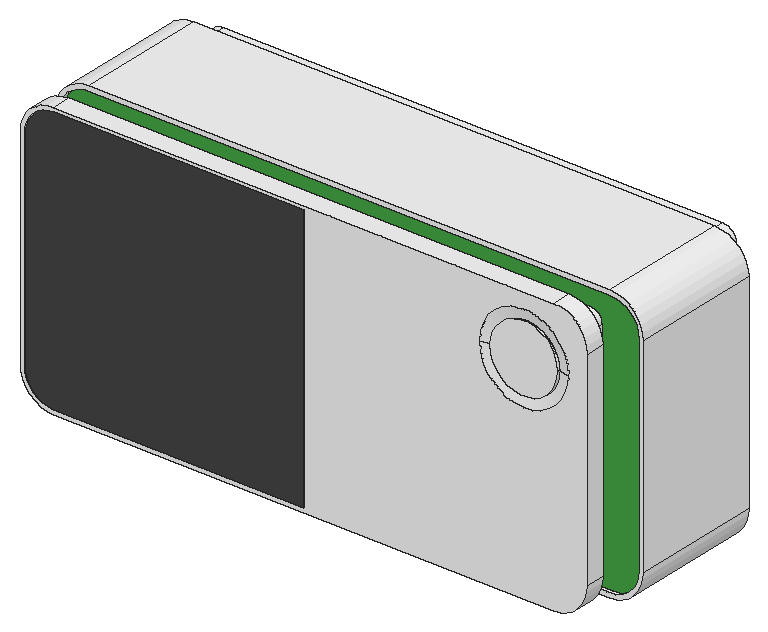
Revit family "UNOnext IAQ sensor", category 一般模型, Revit 2024
Family settings
  可以作為鋼筋主體 = 否
  圓形接點標註 = 使用直徑
  組件類型 = 正常
  以工作平面為基礎 = 否
  總是垂直 = 是
  載入時使用空心切割 = 否
  維持標註方位 = 否
  共用 = 否
  房間計算點 = 否
Parameters
  預設高程 = 0 cm
Reference planes (cm)
  plane 1 "中心 (前/後)": y = 0
  plane 2: z = 0
  plane 3 "中心 (左/右)": x = 0
  plane 4: x = 7
  plane 5: x = -7
  plane 6: y = 2.5
  plane 7: y = -2.5
  plane 8: z = 6.5
  plane 9: z = 6
  plane 10: x = 5.8974
Forms (cm)
  Extrusion 1, solid, material "白色"
    sketch origin (200, -2.5, 120) x (1, 0, 0) y (0, 0, 1)
      loop
        arc (-206.2, -113.5) -> (-206.7657, -113.7343) -> (-207, -114.3) r 0.8
        line (-207, -114.3) -> (-207, -119.2)
        arc (-207, -119.2) -> (-206.7657, -119.7657) -> (-206.2, -120) r 0.8
        line (-206.2, -120) -> (-194.4026, -120)
        arc (-194.4026, -120) -> (-193.8369, -119.7657) -> (-193.6026, -119.2) r 0.8
        line (-193.6026, -119.2) -> (-193.6026, -114.3)
        arc (-193.6026, -114.3) -> (-193.8369, -113.7343) -> (-194.4026, -113.5) r 0.8
        line (-194.4026, -113.5) -> (-206.2, -113.5)
    from -0.4419 to 0
  Extrusion 2, void
    sketch origin (200, -2.5, 120) x (-1, 0, 0) y (0, 0, 1)
      loop
        arc (206.9, -114.3) -> (206.695, -113.805) -> (206.2, -113.6) r 0.7
        line (206.2, -113.6) -> (200.3013, -113.6) -> (200.3013, -119.9) -> (206.2, -119.9)
        arc (206.2, -119.9) -> (206.695, -119.695) -> (206.9, -119.2) r 0.7
        line (206.9, -119.2) -> (206.9, -114.3)
    from 0 to 0.3564
  Blend 3, void
    base sketch origin (-7.6146, -2.3065, 120) x (1, 0, 0) y (0, 0, 1)
      loop
        circle (12.5099, -114.9118) r 0.7973
    top sketch origin (-7.6146, -2.3065, 120) x (1, 0, 0) y (0, 0, 1)
      loop
        circle (12.5099, -114.9118) r 1.0473
    from 0.1454 to 0.1935
  Extrusion 4, solid, material "白色"
    sketch origin (-7.6146, -2.3065, 120) x (-1, 0, 0) y (0, 0, 1)
      loop
        circle (-12.5099, -114.9118) r 0.7973
    from -0.1935 to -0.071
  Extrusion 5, solid, material "sensor screen"
    sketch origin (200, -2.5, 120) x (1, 0, 0) y (0, 0, 1)
      loop
        line (-200.3013, -119.9) -> (-200.3013, -113.6) -> (-206.2, -113.6)
        arc (-206.2, -113.6) -> (-206.695, -113.805) -> (-206.9, -114.3) r 0.7
        line (-206.9, -114.3) -> (-206.9, -119.2)
        arc (-206.9, -119.2) -> (-206.695, -119.695) -> (-206.2, -119.9) r 0.7
        line (-206.2, -119.9) -> (-200.3013, -119.9)
    from -0.1477 to 0
  Extrusion 6, solid, material "白色"
    sketch origin (200, -2.5, 120) x (1, 0, 0) y (0, 0, 1)
      loop
        arc (-206.2, -113.5) -> (-206.7657, -113.7343) -> (-207, -114.3) r 0.8
        line (-207, -114.3) -> (-207, -119.2)
        arc (-207, -119.2) -> (-206.7657, -119.7657) -> (-206.2, -120) r 0.8
        line (-206.2, -120) -> (-193.9026, -120)
        arc (-193.9026, -120) -> (-193.3369, -119.7657) -> (-193.1026, -119.2) r 0.8
        line (-193.1026, -119.2) -> (-193.1026, -114.3)
        arc (-193.1026, -114.3) -> (-193.3369, -113.7343) -> (-193.9026, -113.5) r 0.8
        line (-193.9026, -113.5) -> (-206.2, -113.5)
    from -4.1166 to -1.0329
  Extrusion 7, solid, material "白色"
    sketch origin (200, -2.5, 120) x (1, 0, 0) y (0, 0, 1)
      loop
        arc (-206.2, -114) -> (-206.4121, -114.0879) -> (-206.5, -114.3) r 0.3
        line (-206.5, -114.3) -> (-206.5, -119.2)
        arc (-206.5, -119.2) -> (-206.4121, -119.4121) -> (-206.2, -119.5) r 0.3
        line (-206.2, -119.5) -> (-194.4026, -119.5)
        arc (-194.4026, -119.5) -> (-194.1904, -119.4121) -> (-194.1026, -119.2) r 0.3
        line (-194.1026, -119.2) -> (-194.1026, -114.3)
        arc (-194.1026, -114.3) -> (-194.1904, -114.0879) -> (-194.4026, -114) r 0.3
        line (-194.4026, -114) -> (-206.2, -114)
    from -1.4151 to -0.4419
  Extrusion 8, solid, material "白色"
    sketch origin (200, 1.5, 120) x (1, 0, 0) y (0, 0, 1)
      loop
        arc (-206.2, -114) -> (-206.4121, -114.0879) -> (-206.5, -114.3) r 0.3
        line (-206.5, -114.3) -> (-206.5, -119.2)
        arc (-206.5, -119.2) -> (-206.4121, -119.4121) -> (-206.2, -119.5) r 0.3
        line (-206.2, -119.5) -> (-194.4026, -119.5)
        arc (-194.4026, -119.5) -> (-194.1904, -119.4121) -> (-194.1026, -119.2) r 0.3
        line (-194.1026, -119.2) -> (-194.1026, -114.3)
        arc (-194.1026, -114.3) -> (-194.1904, -114.0879) -> (-194.4026, -114) r 0.3
        line (-194.4026, -114) -> (-206.2, -114)
    from -1 to -0.1166
  Extrusion 9, void
    sketch origin (200, -1.4671, 120) x (-1, 0, 0) y (0, 0, 1)
      loop
        arc (193.9026, -113.6) -> (193.4076, -113.805) -> (193.2026, -114.3) r 0.7
        line (193.2026, -114.3) -> (193.2026, -119.2)
        arc (193.2026, -119.2) -> (193.4076, -119.695) -> (193.9026, -119.9) r 0.7
        line (193.9026, -119.9) -> (206.2, -119.9)
        arc (206.2, -119.9) -> (206.695, -119.695) -> (206.9, -119.2) r 0.7
        line (206.9, -119.2) -> (206.9, -114.3)
        arc (206.9, -114.3) -> (206.695, -113.805) -> (206.2, -113.6) r 0.7
        line (206.2, -113.6) -> (193.9026, -113.6)
    from 0 to 0.3821
  Extrusion 10, solid, material "green light"
    sketch origin (200, -1.4671, 120) x (1, 0, 0) y (0, 0, 1)
      loop
        line (-193.9026, -113.6) -> (-206.2, -113.6)
        arc (-206.2, -113.6) -> (-206.695, -113.805) -> (-206.9, -114.3) r 0.7
        line (-206.9, -114.3) -> (-206.9, -119.2)
        arc (-206.9, -119.2) -> (-206.695, -119.695) -> (-206.2, -119.9) r 0.7
        line (-206.2, -119.9) -> (-193.9026, -119.9)
        arc (-193.9026, -119.9) -> (-193.4076, -119.695) -> (-193.2026, -119.2) r 0.7
        line (-193.2026, -119.2) -> (-193.2026, -114.3)
        arc (-193.2026, -114.3) -> (-193.4076, -113.805) -> (-193.9026, -113.6) r 0.7
    from -0.3821 to -0.0986
  Extrusion 11, void
    sketch origin (426.72, -2.0581, 6) x (1, 0, 0) y (0, -1, 0)
      loop
        line (-432.92, -3.6747) -> (-432.92, -4.3614) -> (-432.799, -4.3614) -> (-432.799, -3.6747) -> (-432.92, -3.6747)
      loop
        line (-432.6986, -3.6747) -> (-432.6986, -4.3614) -> (-432.5776, -4.3614) -> (-432.5776, -3.6747) -> (-432.6986, -3.6747)
      loop
        line (-432.4964, -3.6747) -> (-432.4964, -4.3614) -> (-432.3754, -4.3614) -> (-432.3754, -3.6747) -> (-432.4964, -3.6747)
      loop
        line (-432.275, -3.6747) -> (-432.275, -4.3614) -> (-432.154, -4.3614) -> (-432.154, -3.6747) -> (-432.275, -3.6747)
      loop
        line (-432.0623, -3.6747) -> (-432.0623, -4.3614) -> (-431.9413, -4.3614) -> (-431.9413, -3.6747) -> (-432.0623, -3.6747)
      loop
        line (-431.8409, -3.6747) -> (-431.8409, -4.3614) -> (-431.7199, -4.3614) -> (-431.7199, -3.6747) -> (-431.8409, -3.6747)
      loop
        line (-431.6388, -3.6747) -> (-431.6388, -4.3614) -> (-431.5177, -4.3614) -> (-431.5177, -3.6747) -> (-431.6388, -3.6747)
      loop
        line (-431.4173, -3.6747) -> (-431.4173, -4.3614) -> (-431.2963, -4.3614) -> (-431.2963, -3.6747) -> (-431.4173, -3.6747)
      loop
        line (-431.2121, -3.6747) -> (-431.2121, -4.3614) -> (-431.0911, -4.3614) -> (-431.0911, -3.6747) -> (-431.2121, -3.6747)
      loop
        line (-430.9906, -3.6747) -> (-430.9906, -4.3614) -> (-430.8696, -4.3614) -> (-430.8696, -3.6747) -> (-430.9906, -3.6747)
      loop
        line (-430.7885, -3.6747) -> (-430.7885, -4.3614) -> (-430.6675, -4.3614) -> (-430.6675, -3.6747) -> (-430.7885, -3.6747)
      loop
        line (-430.567, -3.6747) -> (-430.567, -4.3614) -> (-430.446, -4.3614) -> (-430.446, -3.6747) -> (-430.567, -3.6747)
      loop
        line (-430.3544, -3.6747) -> (-430.3544, -4.3614) -> (-430.2334, -4.3614) -> (-430.2334, -3.6747) -> (-430.3544, -3.6747)
      loop
        line (-430.133, -3.6747) -> (-430.133, -4.3614) -> (-430.012, -4.3614) -> (-430.012, -3.6747) -> (-430.133, -3.6747)
      loop
        line (-429.9308, -3.6747) -> (-429.9308, -4.3614) -> (-429.8098, -4.3614) -> (-429.8098, -3.6747) -> (-429.9308, -3.6747)
      loop
        line (-429.7094, -3.6747) -> (-429.7094, -4.3614) -> (-429.5884, -4.3614) -> (-429.5884, -3.6747) -> (-429.7094, -3.6747)
      loop
        line (-429.5056, -3.6747) -> (-429.5056, -4.3614) -> (-429.3846, -4.3614) -> (-429.3846, -3.6747) -> (-429.5056, -3.6747)
      loop
        line (-429.2841, -3.6747) -> (-429.2841, -4.3614) -> (-429.1631, -4.3614) -> (-429.1631, -3.6747) -> (-429.2841, -3.6747)
      loop
        line (-429.082, -3.6747) -> (-429.082, -4.3614) -> (-428.961, -4.3614) -> (-428.961, -3.6747) -> (-429.082, -3.6747)
      loop
        line (-428.8605, -3.6747) -> (-428.8605, -4.3614) -> (-428.7395, -4.3614) -> (-428.7395, -3.6747) -> (-428.8605, -3.6747)
      loop
        line (-428.6479, -3.6747) -> (-428.6479, -4.3614) -> (-428.5269, -4.3614) -> (-428.5269, -3.6747) -> (-428.6479, -3.6747)
      loop
        line (-428.4265, -3.6747) -> (-428.4265, -4.3614) -> (-428.3055, -4.3614) -> (-428.3055, -3.6747) -> (-428.4265, -3.6747)
      loop
        line (-428.2243, -3.6747) -> (-428.2243, -4.3614) -> (-428.1033, -4.3614) -> (-428.1033, -3.6747) -> (-428.2243, -3.6747)
      loop
        line (-428.0029, -3.6747) -> (-428.0029, -4.3614) -> (-427.8819, -4.3614) -> (-427.8819, -3.6747) -> (-428.0029, -3.6747)
      loop
        line (-427.7976, -3.6747) -> (-427.7976, -4.3614) -> (-427.6766, -4.3614) -> (-427.6766, -3.6747) -> (-427.7976, -3.6747)
      loop
        line (-427.5762, -3.6747) -> (-427.5762, -4.3614) -> (-427.4552, -4.3614) -> (-427.4552, -3.6747) -> (-427.5762, -3.6747)
      loop
        line (-427.374, -3.6747) -> (-427.374, -4.3614) -> (-427.253, -4.3614) -> (-427.253, -3.6747) -> (-427.374, -3.6747)
      loop
        line (-427.1526, -3.6747) -> (-427.1526, -4.3614) -> (-427.0316, -4.3614) -> (-427.0316, -3.6747) -> (-427.1526, -3.6747)
      loop
        line (-426.94, -3.6747) -> (-426.94, -4.3614) -> (-426.819, -4.3614) -> (-426.819, -3.6747) -> (-426.94, -3.6747)
      loop
        line (-426.7185, -3.6747) -> (-426.7185, -4.3614) -> (-426.5975, -4.3614) -> (-426.5975, -3.6747) -> (-426.7185, -3.6747)
      loop
        line (-426.5164, -3.6747) -> (-426.5164, -4.3614) -> (-426.3954, -4.3614) -> (-426.3954, -3.6747) -> (-426.5164, -3.6747)
      loop
        line (-426.2949, -3.6747) -> (-426.2949, -4.3614) -> (-426.1739, -4.3614) -> (-426.1739, -3.6747) -> (-426.2949, -3.6747)
      loop
        line (-426.0183, -3.6747) -> (-426.0183, -4.3614) -> (-425.8973, -4.3614) -> (-425.8973, -3.6747) -> (-426.0183, -3.6747)
      loop
        line (-425.7969, -3.6747) -> (-425.7969, -4.3614) -> (-425.6759, -4.3614) -> (-425.6759, -3.6747) -> (-425.7969, -3.6747)
      loop
        line (-425.5947, -3.6747) -> (-425.5947, -4.3614) -> (-425.4737, -4.3614) -> (-425.4737, -3.6747) -> (-425.5947, -3.6747)
      loop
        line (-425.3733, -3.6747) -> (-425.3733, -4.3614) -> (-425.2523, -4.3614) -> (-425.2523, -3.6747) -> (-425.3733, -3.6747)
      loop
        line (-425.1607, -3.6747) -> (-425.1607, -4.3614) -> (-425.0397, -4.3614) -> (-425.0397, -3.6747) -> (-425.1607, -3.6747)
      loop
        line (-424.9392, -3.6747) -> (-424.9392, -4.3614) -> (-424.8182, -4.3614) -> (-424.8182, -3.6747) -> (-424.9392, -3.6747)
      loop
        line (-424.7371, -3.6747) -> (-424.7371, -4.3614) -> (-424.6161, -4.3614) -> (-424.6161, -3.6747) -> (-424.7371, -3.6747)
      loop
        line (-424.5156, -3.6747) -> (-424.5156, -4.3614) -> (-424.3946, -4.3614) -> (-424.3946, -3.6747) -> (-424.5156, -3.6747)
      loop
        line (-424.3104, -3.6747) -> (-424.3104, -4.3614) -> (-424.1894, -4.3614) -> (-424.1894, -3.6747) -> (-424.3104, -3.6747)
      loop
        line (-424.089, -3.6747) -> (-424.089, -4.3614) -> (-423.968, -4.3614) -> (-423.968, -3.6747) -> (-424.089, -3.6747)
      loop
        line (-423.8868, -3.6747) -> (-423.8868, -4.3614) -> (-423.7658, -4.3614) -> (-423.7658, -3.6747) -> (-423.8868, -3.6747)
      loop
        line (-423.6654, -3.6747) -> (-423.6654, -4.3614) -> (-423.5444, -4.3614) -> (-423.5444, -3.6747) -> (-423.6654, -3.6747)
      loop
        line (-423.4527, -3.6747) -> (-423.4527, -4.3614) -> (-423.3317, -4.3614) -> (-423.3317, -3.6747) -> (-423.4527, -3.6747)
      loop
        line (-423.2313, -3.6747) -> (-423.2313, -4.3614) -> (-423.1103, -4.3614) -> (-423.1103, -3.6747) -> (-423.2313, -3.6747)
      loop
        line (-423.0291, -3.6747) -> (-423.0291, -4.3614) -> (-422.9081, -4.3614) -> (-422.9081, -3.6747) -> (-423.0291, -3.6747)
      loop
        line (-422.8077, -3.6747) -> (-422.8077, -4.3614) -> (-422.6867, -4.3614) -> (-422.6867, -3.6747) -> (-422.8077, -3.6747)
      loop
        line (-422.6039, -3.6747) -> (-422.6039, -4.3614) -> (-422.4829, -4.3614) -> (-422.4829, -3.6747) -> (-422.6039, -3.6747)
      loop
        line (-422.3825, -3.6747) -> (-422.3825, -4.3614) -> (-422.2615, -4.3614) -> (-422.2615, -3.6747) -> (-422.3825, -3.6747)
      loop
        line (-422.1803, -3.6747) -> (-422.1803, -4.3614) -> (-422.0593, -4.3614) -> (-422.0593, -3.6747) -> (-422.1803, -3.6747)
      loop
        line (-421.9589, -3.6747) -> (-421.9589, -4.3614) -> (-421.8379, -4.3614) -> (-421.8379, -3.6747) -> (-421.9589, -3.6747)
      loop
        line (-421.7462, -3.6747) -> (-421.7462, -4.3614) -> (-421.6252, -4.3614) -> (-421.6252, -3.6747) -> (-421.7462, -3.6747)
      loop
        line (-421.5248, -3.6747) -> (-421.5248, -4.3614) -> (-421.4038, -4.3614) -> (-421.4038, -3.6747) -> (-421.5248, -3.6747)
      loop
        line (-421.3226, -3.6747) -> (-421.3226, -4.3614) -> (-421.2016, -4.3614) -> (-421.2016, -3.6747) -> (-421.3226, -3.6747)
    from 0 to 5.5
  Extrusion 12, void
    sketch origin (5.8974, 2.5, 120) x (0, 1, 0) y (0, 0, 1)
      loop
        line (-0.8834, -114.3) -> (-0.8834, -114.3989) -> (-0.1968, -114.3989) -> (-0.1968, -114.3) -> (-0.8834, -114.3)
      loop
        line (-0.8834, -114.5101) -> (-0.8834, -114.6089) -> (-0.1968, -114.6089) -> (-0.1968, -114.5101) -> (-0.8834, -114.5101)
      loop
        line (-0.8834, -114.6688) -> (-0.8834, -114.7677) -> (-0.1968, -114.7677) -> (-0.1968, -114.6688) -> (-0.8834, -114.6688)
      loop
        line (-0.8834, -114.8789) -> (-0.8834, -114.9778) -> (-0.1968, -114.9778) -> (-0.1968, -114.8789) -> (-0.8834, -114.8789)
      loop
        line (-0.8834, -115.0438) -> (-0.8834, -115.1426) -> (-0.1968, -115.1426) -> (-0.1968, -115.0438) -> (-0.8834, -115.0438)
      loop
        line (-0.8834, -115.2538) -> (-0.8834, -115.3527) -> (-0.1968, -115.3527) -> (-0.1968, -115.2538) -> (-0.8834, -115.2538)
      loop
        line (-0.8834, -115.4126) -> (-0.8834, -115.5115) -> (-0.1968, -115.5115) -> (-0.1968, -115.4126) -> (-0.8834, -115.4126)
      loop
        line (-0.8834, -115.6227) -> (-0.8834, -115.7215) -> (-0.1968, -115.7215) -> (-0.1968, -115.6227) -> (-0.8834, -115.6227)
      loop
        line (-0.8834, -115.8503) -> (-0.8834, -115.9491) -> (-0.1968, -115.9491) -> (-0.1968, -115.8503) -> (-0.8834, -115.8503)
      loop
        line (-0.8834, -116.0603) -> (-0.8834, -116.1592) -> (-0.1968, -116.1592) -> (-0.1968, -116.0603) -> (-0.8834, -116.0603)
      loop
        line (-0.8834, -116.2191) -> (-0.8834, -116.318) -> (-0.1968, -116.318) -> (-0.1968, -116.2191) -> (-0.8834, -116.2191)
      loop
        line (-0.8834, -116.4292) -> (-0.8834, -116.528) -> (-0.1968, -116.528) -> (-0.1968, -116.4292) -> (-0.8834, -116.4292)
      loop
        line (-0.8834, -116.594) -> (-0.8834, -116.6929) -> (-0.1968, -116.6929) -> (-0.1968, -116.594) -> (-0.8834, -116.594)
      loop
        line (-0.8834, -116.8041) -> (-0.8834, -116.903) -> (-0.1968, -116.903) -> (-0.1968, -116.8041) -> (-0.8834, -116.8041)
      loop
        line (-0.8834, -116.9629) -> (-0.8834, -117.0617) -> (-0.1968, -117.0617) -> (-0.1968, -116.9629) -> (-0.8834, -116.9629)
      loop
        line (-0.8834, -117.1729) -> (-0.8834, -117.2718) -> (-0.1968, -117.2718) -> (-0.1968, -117.1729) -> (-0.8834, -117.1729)
      loop
        line (-0.8834, -117.3664) -> (-0.8834, -117.4652) -> (-0.1968, -117.4652) -> (-0.1968, -117.3664) -> (-0.8834, -117.3664)
      loop
        line (-0.8834, -117.5764) -> (-0.8834, -117.6753) -> (-0.1968, -117.6753) -> (-0.1968, -117.5764) -> (-0.8834, -117.5764)
      loop
        line (-0.8834, -117.7352) -> (-0.8834, -117.8341) -> (-0.1968, -117.8341) -> (-0.1968, -117.7352) -> (-0.8834, -117.7352)
      loop
        line (-0.8834, -117.9453) -> (-0.8834, -118.0441) -> (-0.1968, -118.0441) -> (-0.1968, -117.9453) -> (-0.8834, -117.9453)
      loop
        line (-0.8834, -118.1101) -> (-0.8834, -118.209) -> (-0.1968, -118.209) -> (-0.1968, -118.1101) -> (-0.8834, -118.1101)
      loop
        line (-0.8834, -118.3202) -> (-0.8834, -118.419) -> (-0.1968, -118.419) -> (-0.1968, -118.3202) -> (-0.8834, -118.3202)
      loop
        line (-0.8834, -118.479) -> (-0.8834, -118.5778) -> (-0.1968, -118.5778) -> (-0.1968, -118.479) -> (-0.8834, -118.479)
      loop
        line (-0.8834, -118.689) -> (-0.8834, -118.7879) -> (-0.1968, -118.7879) -> (-0.1968, -118.689) -> (-0.8834, -118.689)
      loop
        line (-0.8834, -118.9166) -> (-0.8834, -119.0155) -> (-0.1968, -119.0155) -> (-0.1968, -118.9166) -> (-0.8834, -118.9166)
      loop
        line (-0.8834, -119.1267) -> (-0.8834, -119.2256) -> (-0.1968, -119.2256) -> (-0.1968, -119.1267) -> (-0.8834, -119.1267)
    from -12.6356 to 0.086
Cuts and joins
  Extrusion 2, Blend 3 cuts Extrusion 1
  Extrusion 9, Extrusion 11, Extrusion 12 cuts Extrusion 6
  Extrusion 9 cuts Extrusion 7
  Extrusion 9, Extrusion 11, Extrusion 12 cuts Extrusion 8
Dimensions and locks (cm)
  aligned and locked: level to plane 2
